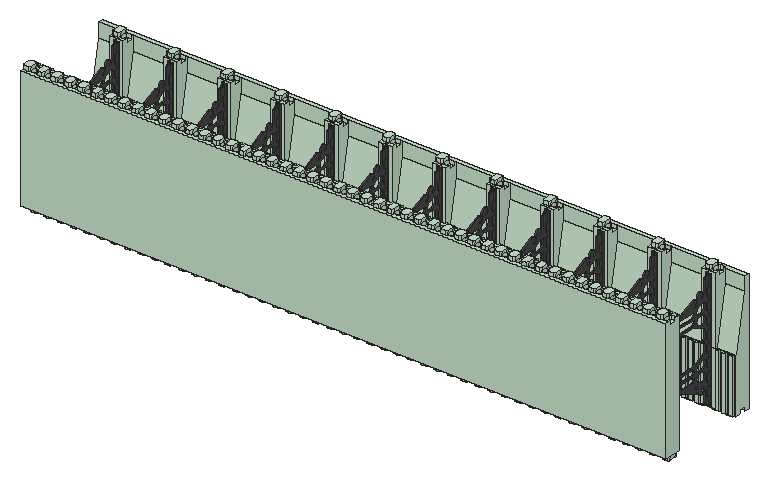
Revit family (continued)
Cuts and joins
  Extrusion 50, Extrusion 110, Extrusion 111, Extrusion 112, Extrusion 113, Extrusion 114, Extrusion 115, Extrusion 116, Extrusion 117, Extrusion 118, Extrusion 119, Extrusion 120, Extrusion 121, Extrusion 122, Extrusion 123, Extrusion 124, Extrusion 125, Extrusion 126, Extrusion 127, Extrusion 128, Extrusion 129, Extrusion 130, Extrusion 131, Extrusion 132, Extrusion 133, Extrusion 134, Extrusion 135, Extrusion 136, Extrusion 137, Extrusion 138, Extrusion 139, Extrusion 140, Extrusion 141, Extrusion 142, Extrusion 143, Extrusion 144, Extrusion 145, Extrusion 146, Extrusion 147, Extrusion 148, Extrusion 149, Extrusion 150, Extrusion 151, Extrusion 152, Extrusion 153, Extrusion 154, Extrusion 155, Extrusion 156, Extrusion 157 cuts Extrusion 158
  Extrusion 50 cuts Extrusion 171
  Extrusion 51 cuts Extrusion 170
  Extrusion 52 cuts Extrusion 169
  Extrusion 53 cuts Extrusion 167
  Extrusion 53 cuts Extrusion 168
  Extrusion 54 cuts Extrusion 166
  Extrusion 55 cuts Extrusion 165
  Extrusion 56 cuts Extrusion 164
  Extrusion 57 cuts Extrusion 163
  Extrusion 58 cuts Extrusion 162
  Extrusion 59 cuts Extrusion 161
  Extrusion 60 cuts Extrusion 160
  Extrusion 61 cuts Extrusion 159
Lines and regions (mm)
  model lines
    curve 1: line (203.2, -244.471, 457.2) -> (203.2, -244.471, 0)
    curve 2: line (2235.2, 142.879, 457.2) -> (2235.2, 142.879, 0)
    curve 3: line (1625.6, 142.879, 457.2) -> (1625.6, 142.879, 0)
    curve 4: line (1016, 142.879, 457.2) -> (1016, 142.879, 0)
    curve 5: line (406.4, 142.879, 457.2) -> (406.4, 142.879, 0)
Dimensions and locks
  aligned and locked: level to plane 2
  aligned and locked: level to Extrusion 1
Nested families
  nested 1: "NUDURA Diamond Pattern" at (0, -101.596, 0), type "NUDURA Diamond Pattern"
  nested 2: "NUDURA Diamond Pattern" at (406.4, -101.596, 0), type "NUDURA Diamond Pattern"
  nested 3: "NUDURA Diamond Pattern" at (609.6, -101.596, 0), type "NUDURA Diamond Pattern"
  nested 4: "NUDURA Diamond Pattern" at (1016, -101.596, 0), type "NUDURA Diamond Pattern"
  nested 5: "NUDURA Diamond Pattern" at (1219.2, -101.596, 0), type "NUDURA Diamond Pattern"
  nested 6: "NUDURA Diamond Pattern" at (1625.6, -101.596, 0), type "NUDURA Diamond Pattern"
  nested 7: "NUDURA Diamond Pattern" at (1828.8, -101.596, 0), type "NUDURA Diamond Pattern"
  nested 8: "NUDURA Diamond Pattern" at (2235.2, -101.596, 0), type "NUDURA Diamond Pattern"
  nested 9: "NUDURA Diamond Pattern" at (0, 0.004, 0), type "NUDURA Diamond Pattern"
  nested 10: "NUDURA Diamond Pattern" at (406.4, 0.004, 0), type "NUDURA Diamond Pattern"
  nested 11: "NUDURA Diamond Pattern" at (609.6, 0.004, 0), type "NUDURA Diamond Pattern"
  nested 12: "NUDURA Diamond Pattern" at (1016, 0.004, 0), type "NUDURA Diamond Pattern"
  nested 13: "NUDURA Diamond Pattern" at (1219.2, 0.004, 0), type "NUDURA Diamond Pattern"
  nested 14: "NUDURA Diamond Pattern" at (1625.6, 0.004, 0), type "NUDURA Diamond Pattern"
  nested 15: "NUDURA Diamond Pattern" at (1828.8, 0.004, 0), type "NUDURA Diamond Pattern"
  nested 16: "NUDURA Diamond Pattern" at (2235.2, 0.004, 0), type "NUDURA Diamond Pattern"
  nested 17: "Interlock Tooth" at (0, -101.596, 0), type "Interlock Tooth"
  nested 18: "Interlock Tooth" at (50.8, -101.596, 0), type "Interlock Tooth"
  nested 19: "Interlock Tooth" at (101.6, -101.596, 0), type "Interlock Tooth"
  nested 20: "Interlock Tooth" at (152.4, -101.596, 0), type "Interlock Tooth"
  nested 21: "Interlock Tooth" at (203.2, -101.596, 0), type "Interlock Tooth"
  nested 22: "Interlock Tooth" at (254, -101.596, 0), type "Interlock Tooth"
  nested 23: "Interlock Tooth" at (304.8, -101.596, 0), type "Interlock Tooth"
  nested 24: "Interlock Tooth" at (355.6, -101.596, 0), type "Interlock Tooth"
  nested 25: "Interlock Tooth" at (406.4, -101.596, 0), type "Interlock Tooth"
  nested 26: "Interlock Tooth" at (457.2, -101.596, 0), type "Interlock Tooth"
  nested 27: "Interlock Tooth" at (508, -101.596, 0), type "Interlock Tooth"
  nested 28: "Interlock Tooth" at (558.8, -101.596, 0), type "Interlock Tooth"
  nested 29: "Interlock Tooth" at (609.6, -101.596, 0), type "Interlock Tooth"
  nested 30: "Interlock Tooth" at (660.4, -101.596, 0), type "Interlock Tooth"
  nested 31: "Interlock Tooth" at (711.2, -101.596, 0), type "Interlock Tooth"
  nested 32: "Interlock Tooth" at (762, -101.596, 0), type "Interlock Tooth"
  nested 33: "Interlock Tooth" at (812.8, -101.596, 0), type "Interlock Tooth"
  nested 34: "Interlock Tooth" at (863.6, -101.596, 0), type "Interlock Tooth"
  nested 35: "Interlock Tooth" at (914.4, -101.596, 0), type "Interlock Tooth"
  nested 36: "Interlock Tooth" at (965.2, -101.596, 0), type "Interlock Tooth"
  nested 37: "Interlock Tooth" at (1016, -101.596, 0), type "Interlock Tooth"
  nested 38: "Interlock Tooth" at (1066.8, -101.596, 0), type "Interlock Tooth"
  nested 39: "Interlock Tooth" at (1117.6, -101.596, 0), type "Interlock Tooth"
  nested 40: "Interlock Tooth" at (1168.4, -101.596, 0), type "Interlock Tooth"
  nested 41: "Interlock Tooth" at (1219.2, -101.596, 0), type "Interlock Tooth"
  nested 42: "Interlock Tooth" at (1270, -101.596, 0), type "Interlock Tooth"
  nested 43: "Interlock Tooth" at (1320.8, -101.596, 0), type "Interlock Tooth"
  nested 44: "Interlock Tooth" at (1371.6, -101.596, 0), type "Interlock Tooth"
  nested 45: "Interlock Tooth" at (1422.4, -101.596, 0), type "Interlock Tooth"
  nested 46: "Interlock Tooth" at (1473.2, -101.596, 0), type "Interlock Tooth"
  nested 47: "Interlock Tooth" at (1524, -101.596, 0), type "Interlock Tooth"
  nested 48: "Interlock Tooth" at (1574.8, -101.596, 0), type "Interlock Tooth"
  nested 49: "Interlock Tooth" at (1625.6, -101.596, 0), type "Interlock Tooth"
  nested 50: "Interlock Tooth" at (1676.4, -101.596, 0), type "Interlock Tooth"
  nested 51: "Interlock Tooth" at (1727.2, -101.596, 0), type "Interlock Tooth"
  nested 52: "Interlock Tooth" at (1778, -101.596, 0), type "Interlock Tooth"
  nested 53: "Interlock Tooth" at (1828.8, -101.596, 0), type "Interlock Tooth"
  nested 54: "Interlock Tooth" at (1879.6, -101.596, 0), type "Interlock Tooth"
  nested 55: "Interlock Tooth" at (1930.4, -101.596, 0), type "Interlock Tooth"
  nested 56: "Interlock Tooth" at (1981.2, -101.596, 0), type "Interlock Tooth"
  nested 57: "Interlock Tooth" at (2032, -101.596, 0), type "Interlock Tooth"
  nested 58: "Interlock Tooth" at (2082.8, -101.596, 0), type "Interlock Tooth"
  nested 59: "Interlock Tooth" at (2133.6, -101.596, 0), type "Interlock Tooth"
  nested 60: "Interlock Tooth" at (2184.4, -101.596, 0), type "Interlock Tooth"
  nested 61: "Interlock Tooth" at (2235.2, -101.596, 0), type "Interlock Tooth"
  nested 62: "Interlock Tooth" at (2286, -101.596, 0), type "Interlock Tooth"
  nested 63: "Interlock Tooth" at (2336.8, -101.596, 0), type "Interlock Tooth"
  nested 64: "Interlock Tooth" at (2387.6, -101.596, 0), type "Interlock Tooth"
  nested 65: "Interlock Tooth" at (76.2, 225.429, 0), type "Interlock Tooth"
  nested 66: "Interlock Tooth" at (279.4, 225.429, 0), type "Interlock Tooth"
  nested 67: "Interlock Tooth" at (482.6, 225.429, 0), type "Interlock Tooth"
  nested 68: "Interlock Tooth" at (685.8, 225.429, 0), type "Interlock Tooth"
  nested 69: "Interlock Tooth" at (889, 225.429, 0), type "Interlock Tooth"
  nested 70: "Interlock Tooth" at (1092.2, 225.429, 0), type "Interlock Tooth"
  nested 71: "Interlock Tooth" at (1295.4, 225.429, 0), type "Interlock Tooth"
  nested 72: "Interlock Tooth" at (1498.6, 225.429, 0), type "Interlock Tooth"
  nested 73: "Interlock Tooth" at (1701.8, 225.429, 0), type "Interlock Tooth"
  nested 74: "Interlock Tooth" at (1905, 225.429, 0), type "Interlock Tooth"
  nested 75: "Interlock Tooth" at (2108.2, 225.429, 0), type "Interlock Tooth"
  nested 76: "Interlock Tooth" at (2311.4, 225.429, 0), type "Interlock Tooth"
  nested 77: "Interlock Tooth" at (25.4, -327.021, -469.9), type "Interlock Tooth"
  nested 78: "Interlock Tooth" at (76.2, -327.021, -469.9), type "Interlock Tooth"
  nested 79: "Interlock Tooth" at (127, -327.021, -469.9), type "Interlock Tooth"
  nested 80: "Interlock Tooth" at (177.8, -327.021, -469.9), type "Interlock Tooth"
  nested 81: "Interlock Tooth" at (228.6, -327.021, -469.9), type "Interlock Tooth"
  nested 82: "Interlock Tooth" at (279.4, -327.021, -469.9), type "Interlock Tooth"
  nested 83: "Interlock Tooth" at (330.2, -327.021, -469.9), type "Interlock Tooth"
  nested 84: "Interlock Tooth" at (381, -327.021, -469.9), type "Interlock Tooth"
  nested 85: "Interlock Tooth" at (431.8, -327.021, -469.9), type "Interlock Tooth"
  nested 86: "Interlock Tooth" at (482.6, -327.021, -469.9), type "Interlock Tooth"
  nested 87: "Interlock Tooth" at (533.4, -327.021, -469.9), type "Interlock Tooth"
  nested 88: "Interlock Tooth" at (584.2, -327.021, -469.9), type "Interlock Tooth"
  nested 89: "Interlock Tooth" at (635, -327.021, -469.9), type "Interlock Tooth"
  nested 90: "Interlock Tooth" at (685.8, -327.021, -469.9), type "Interlock Tooth"
  nested 91: "Interlock Tooth" at (736.6, -327.021, -469.9), type "Interlock Tooth"
  nested 92: "Interlock Tooth" at (787.4, -327.021, -469.9), type "Interlock Tooth"
  nested 93: "Interlock Tooth" at (838.2, -327.021, -469.9), type "Interlock Tooth"
  nested 94: "Interlock Tooth" at (889, -327.021, -469.9), type "Interlock Tooth"
  nested 95: "Interlock Tooth" at (939.8, -327.021, -469.9), type "Interlock Tooth"
  nested 96: "Interlock Tooth" at (990.6, -327.021, -469.9), type "Interlock Tooth"
  nested 97: "Interlock Tooth" at (1041.4, -327.021, -469.9), type "Interlock Tooth"
  nested 98: "Interlock Tooth" at (1092.2, -327.021, -469.9), type "Interlock Tooth"
  nested 99: "Interlock Tooth" at (1143, -327.021, -469.9), type "Interlock Tooth"
  nested 100: "Interlock Tooth" at (1193.8, -327.021, -469.9), type "Interlock Tooth"
  nested 101: "Interlock Tooth" at (1244.6, -327.021, -469.9), type "Interlock Tooth"
  nested 102: "Interlock Tooth" at (1295.4, -327.021, -469.9), type "Interlock Tooth"
  nested 103: "Interlock Tooth" at (1346.2, -327.021, -469.9), type "Interlock Tooth"
  nested 104: "Interlock Tooth" at (1397, -327.021, -469.9), type "Interlock Tooth"
  nested 105: "Interlock Tooth" at (1447.8, -327.021, -469.9), type "Interlock Tooth"
  nested 106: "Interlock Tooth" at (1498.6, -327.021, -469.9), type "Interlock Tooth"
  nested 107: "Interlock Tooth" at (1549.4, -327.021, -469.9), type "Interlock Tooth"
  nested 108: "Interlock Tooth" at (1600.2, -327.021, -469.9), type "Interlock Tooth"
  nested 109: "Interlock Tooth" at (1651, -327.021, -469.9), type "Interlock Tooth"
  nested 110: "Interlock Tooth" at (1701.8, -327.021, -469.9), type "Interlock Tooth"
  nested 111: "Interlock Tooth" at (1752.6, -327.021, -469.9), type "Interlock Tooth"
  nested 112: "Interlock Tooth" at (1803.4, -327.021, -469.9), type "Interlock Tooth"
  nested 113: "Interlock Tooth" at (1854.2, -327.021, -469.9), type "Interlock Tooth"
  nested 114: "Interlock Tooth" at (1905, -327.021, -469.9), type "Interlock Tooth"
  nested 115: "Interlock Tooth" at (1955.8, -327.021, -469.9), type "Interlock Tooth"
  nested 116: "Interlock Tooth" at (2006.6, -327.021, -469.9), type "Interlock Tooth"
  nested 117: "Interlock Tooth" at (2057.4, -327.021, -469.9), type "Interlock Tooth"
  nested 118: "Interlock Tooth" at (2108.2, -327.021, -469.9), type "Interlock Tooth"
  nested 119: "Interlock Tooth" at (2159, -327.021, -469.9), type "Interlock Tooth"
  nested 120: "Interlock Tooth" at (2209.8, -327.021, -469.9), type "Interlock Tooth"
  nested 121: "Interlock Tooth" at (2260.6, -327.021, -469.9), type "Interlock Tooth"
  nested 122: "Interlock Tooth" at (2311.4, -327.021, -469.9), type "Interlock Tooth"
  nested 123: "Interlock Tooth" at (2362.2, -327.021, -469.9), type "Interlock Tooth"
  nested 124: "Interlock Tooth" at (2413, -327.021, -469.9), type "Interlock Tooth"
  nested 125: "Interlock Tooth" at (0, 0.004, -469.9), type "Interlock Tooth"
  nested 126: "Interlock Tooth" at (50.8, 0.004, -469.9), type "Interlock Tooth"
  nested 127: "Interlock Tooth" at (101.6, 0.004, -469.9), type "Interlock Tooth"
  nested 128: "Interlock Tooth" at (152.4, 0.004, -469.9), type "Interlock Tooth"
  nested 129: "Interlock Tooth" at (203.2, 0.004, -469.9), type "Interlock Tooth"
  nested 130: "Interlock Tooth" at (254, 0.004, -469.9), type "Interlock Tooth"
  nested 131: "Interlock Tooth" at (304.8, 0.004, -469.9), type "Interlock Tooth"
  nested 132: "Interlock Tooth" at (355.6, 0.004, -469.9), type "Interlock Tooth"
  nested 133: "Interlock Tooth" at (406.4, 0.004, -469.9), type "Interlock Tooth"
  nested 134: "Interlock Tooth" at (457.2, 0.004, -469.9), type "Interlock Tooth"
  nested 135: "Interlock Tooth" at (508, 0.004, -469.9), type "Interlock Tooth"
  nested 136: "Interlock Tooth" at (558.8, 0.004, -469.9), type "Interlock Tooth"
  nested 137: "Interlock Tooth" at (609.6, 0.004, -469.9), type "Interlock Tooth"
  nested 138: "Interlock Tooth" at (660.4, 0.004, -469.9), type "Interlock Tooth"
  nested 139: "Interlock Tooth" at (711.2, 0.004, -469.9), type "Interlock Tooth"
  nested 140: "Interlock Tooth" at (762, 0.004, -469.9), type "Interlock Tooth"
  nested 141: "Interlock Tooth" at (812.8, 0.004, -469.9), type "Interlock Tooth"
  nested 142: "Interlock Tooth" at (863.6, 0.004, -469.9), type "Interlock Tooth"
  nested 143: "Interlock Tooth" at (914.4, 0.004, -469.9), type "Interlock Tooth"
  nested 144: "Interlock Tooth" at (965.2, 0.004, -469.9), type "Interlock Tooth"
  nested 145: "Interlock Tooth" at (1016, 0.004, -469.9), type "Interlock Tooth"
  nested 146: "Interlock Tooth" at (1066.8, 0.004, -469.9), type "Interlock Tooth"
  nested 147: "Interlock Tooth" at (1117.6, 0.004, -469.9), type "Interlock Tooth"
  nested 148: "Interlock Tooth" at (1168.4, 0.004, -469.9), type "Interlock Tooth"
  nested 149: "Interlock Tooth" at (1219.2, 0.004, -469.9), type "Interlock Tooth"
  nested 150: "Interlock Tooth" at (1270, 0.004, -469.9), type "Interlock Tooth"
  nested 151: "Interlock Tooth" at (1320.8, 0.004, -469.9), type "Interlock Tooth"
  nested 152: "Interlock Tooth" at (1371.6, 0.004, -469.9), type "Interlock Tooth"
  nested 153: "Interlock Tooth" at (1422.4, 0.004, -469.9), type "Interlock Tooth"
  nested 154: "Interlock Tooth" at (1473.2, 0.004, -469.9), type "Interlock Tooth"
  nested 155: "Interlock Tooth" at (1524, 0.004, -469.9), type "Interlock Tooth"
  nested 156: "Interlock Tooth" at (1574.8, 0.004, -469.9), type "Interlock Tooth"
  nested 157: "Interlock Tooth" at (1625.6, 0.004, -469.9), type "Interlock Tooth"
  nested 158: "Interlock Tooth" at (1676.4, 0.004, -469.9), type "Interlock Tooth"
  nested 159: "Interlock Tooth" at (1727.2, 0.004, -469.9), type "Interlock Tooth"
  nested 160: "Interlock Tooth" at (1778, 0.004, -469.9), type "Interlock Tooth"
  nested 161: "Interlock Tooth" at (1828.8, 0.004, -469.9), type "Interlock Tooth"
  nested 162: "Interlock Tooth" at (1879.6, 0.004, -469.9), type "Interlock Tooth"
  nested 163: "Interlock Tooth" at (1930.4, 0.004, -469.9), type "Interlock Tooth"
  nested 164: "Interlock Tooth" at (1981.2, 0.004, -469.9), type "Interlock Tooth"
  nested 165: "Interlock Tooth" at (2032, 0.004, -469.9), type "Interlock Tooth"
  nested 166: "Interlock Tooth" at (2082.8, 0.004, -469.9), type "Interlock Tooth"
  nested 167: "Interlock Tooth" at (2133.6, 0.004, -469.9), type "Interlock Tooth"
  nested 168: "Interlock Tooth" at (2184.4, 0.004, -469.9), type "Interlock Tooth"
  nested 169: "Interlock Tooth" at (2235.2, 0.004, -469.9), type "Interlock Tooth"
  nested 170: "Interlock Tooth" at (2286, 0.004, -469.9), type "Interlock Tooth"
  nested 171: "Interlock Tooth" at (2336.8, 0.004, -469.9), type "Interlock Tooth"
  nested 172: "Interlock Tooth" at (2387.6, 0.004, -469.9), type "Interlock Tooth"
  nested 173: "NUDURA Logo Diamond" at (0, -244.471, 0), type "NUDURA Logo Diamond"
  nested 174: "NUDURA Logo Diamond" at (609.6, -244.471, 0), type "NUDURA Logo Diamond"
  nested 175: "NUDURA Logo Diamond" at (1219.2, -244.471, 0), type "NUDURA Logo Diamond"
  nested 176: "NUDURA Logo Diamond" at (1828.8, -244.471, 0), type "NUDURA Logo Diamond"
  nested 177: "NUDURA Logo Diamond" at (2438.335, 142.879, 0) x (-1, 0, 0) z (0, 0, 1), type "NUDURA Logo Diamond"
  nested 178: "NUDURA Logo Diamond" at (1828.735, 142.879, 0) x (-1, 0, 0) z (0, 0, 1), type "NUDURA Logo Diamond"
  nested 179: "NUDURA Logo Diamond" at (1219.135, 142.879, 0) x (-1, 0, 0) z (0, 0, 1), type "NUDURA Logo Diamond"
  nested 180: "NUDURA Logo Diamond" at (609.535, 142.879, 0) x (-1, 0, 0) z (0, 0, 1), type "NUDURA Logo Diamond"
  nested 181: "10-inch Insert Web" at (101.6, -50.796, 0), type "10-inch Insert Web"
  nested 182: "10-inch Insert Web" at (304.8, -50.796, 0), type "10-inch Insert Web"
  nested 183: "10-inch Insert Web" at (508, -50.796, 0), type "10-inch Insert Web"
  nested 184: "10-inch Insert Web" at (711.2, -50.796, 0), type "10-inch Insert Web"
  nested 185: "10-inch Insert Web" at (914.4, -50.796, 0), type "10-inch Insert Web"
  nested 186: "10-inch Insert Web" at (1117.6, -50.796, 0), type "10-inch Insert Web"
  nested 187: "10-inch Insert Web" at (1320.8, -50.796, 0), type "10-inch Insert Web"
  nested 188: "10-inch Insert Web" at (1524, -50.796, 0), type "10-inch Insert Web"
  nested 189: "10-inch Insert Web" at (1727.2, -50.796, 0), type "10-inch Insert Web"
  nested 190: "10-inch Insert Web" at (1930.4, -50.796, 0), type "10-inch Insert Web"
  nested 191: "10-inch Insert Web" at (2133.6, -50.796, 0), type "10-inch Insert Web"
  nested 192: "10-inch Insert Web" at (2336.8, -50.796, 0), type "10-inch Insert Web"
Definition of nested family "Interlock Tooth"
  Reference planes
    plane 1 "Center (Front/Back)": y = 0
    plane 2: z = 0
    plane 3 "Center (Left/Right)": x = 0
    plane 4: z = 457.2
    plane 5: z = 469.9
    plane 6: z = -12.7
  Forms (mm)
    Extrusion 1, solid, material "NUDURA Expanded Polystyrene Foam Insulation"
      sketch origin (0, -225.425, 0) x (1, 0, 0) y (0, 1, 0)
        loop
          arc (0, 101.014) -> (1.215, 97.278) -> (4.396, 94.972) r 6.35
          arc (4.396, 94.972) -> (12.7, 93.663) -> (21.004, 94.972) r 26.988
          arc (21.004, 94.972) -> (24.185, 97.278) -> (25.4, 101.014) r 6.35
          line (25.4, 101.014) -> (25.4, 124.411)
          arc (25.4, 124.411) -> (24.185, 128.147) -> (21.004, 130.453) r 6.35
          arc (21.004, 130.453) -> (12.7, 131.763) -> (4.396, 130.453) r 26.987
          arc (4.396, 130.453) -> (1.215, 128.147) -> (0, 124.411) r 6.35
          line (0, 124.411) -> (0, 101.014)
      from 457.2 to 469.9
  Dimensions and locks
    locked: plane 4 to level at 457.2
    locked: plane 4 to plane 5 at 12.7
    locked: plane 6 to level at 12.7
Definition of nested family "10-inch Insert Web"
  Reference planes
    plane 1 "Center (Front/Back)": y = 0
    plane 2: z = 0
    plane 3 "Center (Left/Right)": x = 0
  Forms (mm)
    Extrusion 1, solid, material "High Density Polystyrene"
      sketch origin (0, 0, 0) x (0, 1, 0) y (0, 0, 1)
        loop
          line (133.35, 0) -> (133.35, 450.744)
          arc (133.35, 450.744) -> (132.617, 450.243) -> (132.334, 449.4) r 1.397
          line (132.334, 449.4) -> (132.334, 1.344)
          arc (132.334, 1.344) -> (132.617, 0.502) -> (133.35, 0) r 1.397
        loop
          arc (-133.35, 0) -> (-132.617, 0.502) -> (-132.334, 1.344) r 1.397
          line (-132.334, 1.344) -> (-132.334, 449.4)
          arc (-132.334, 449.4) -> (-132.617, 450.243) -> (-133.35, 450.744) r 1.397
          line (-133.35, 450.744) -> (-133.35, 0)
      from 9.227 to -9.227
    Extrusion 2, solid, material "High Density Polystyrene"
      sketch origin (0, 0, 0) x (0, 1, 0) y (0, 0, 1)
        loop
          arc (131.798, 442.16) -> (132.175, 442.021) -> (132.334, 441.652) r 0.508
          line (132.334, 441.652) -> (132.334, 447.972)
          arc (132.334, 447.972) -> (132.229, 447.585) -> (131.942, 447.306) r 0.762
          line (131.942, 447.306) -> (130.186, 446.33)
          arc (130.186, 446.33) -> (129.899, 446.05) -> (129.794, 445.664) r 0.762
          line (129.794, 445.664) -> (129.794, 442.585)
          arc (129.794, 442.585) -> (129.953, 442.216) -> (130.33, 442.078) r 0.508
          line (130.33, 442.078) -> (131.798, 442.16)
        loop
          line (-130.186, 446.33) -> (-131.942, 447.306)
          arc (-131.942, 447.306) -> (-132.229, 447.585) -> (-132.334, 447.972) r 0.762
          line (-132.334, 447.972) -> (-132.334, 441.652)
          arc (-132.334, 441.652) -> (-132.175, 442.021) -> (-131.798, 442.16) r 0.508
          line (-131.798, 442.16) -> (-130.33, 442.078)
          arc (-130.33, 442.078) -> (-129.953, 442.216) -> (-129.794, 442.585) r 0.508
          line (-129.794, 442.585) -> (-129.794, 445.664)
          arc (-129.794, 445.664) -> (-129.899, 446.05) -> (-130.186, 446.33) r 0.762
        loop
          line (131.798, 8.585) -> (130.33, 8.666)
          arc (130.33, 8.666) -> (129.953, 8.528) -> (129.794, 8.159) r 0.508
          line (129.794, 8.159) -> (129.794, 5.08)
          arc (129.794, 5.08) -> (129.899, 4.694) -> (130.186, 4.414) r 0.762
          line (130.186, 4.414) -> (131.942, 3.439)
          arc (131.942, 3.439) -> (132.229, 3.159) -> (132.334, 2.772) r 0.762
          line (132.334, 2.772) -> (132.334, 9.092)
          arc (132.334, 9.092) -> (132.175, 8.723) -> (131.798, 8.585) r 0.508
        loop
          arc (-130.186, 4.414) -> (-129.899, 4.694) -> (-129.794, 5.08) r 0.762
          line (-129.794, 5.08) -> (-129.794, 8.159)
          arc (-129.794, 8.159) -> (-129.953, 8.528) -> (-130.33, 8.666) r 0.508
          line (-130.33, 8.666) -> (-131.798, 8.585)
          arc (-131.798, 8.585) -> (-132.175, 8.723) -> (-132.334, 9.092) r 0.508
          line (-132.334, 9.092) -> (-132.334, 2.772)
          arc (-132.334, 2.772) -> (-132.229, 3.159) -> (-131.942, 3.439) r 0.762
          line (-131.942, 3.439) -> (-130.186, 4.414)
        loop
          line (127, 437.076) -> (125.095, 442.918)
          arc (125.095, 442.918) -> (123.825, 443.68) -> (122.555, 442.918) r 1.439
          line (122.555, 442.918) -> (121.313, 439.108) -> (118.083, 439.108)
          arc (118.083, 439.108) -> (117.204, 438.744) -> (116.84, 437.865) r 1.243
          line (116.84, 437.865) -> (116.84, 437.076) -> (114.3, 437.076) -> (114.3, 400.201)
          arc (114.3, 400.201) -> (112.544, 393.421) -> (107.718, 388.345) r 13.97
          arc (107.718, 388.345) -> (106.485, 386.915) -> (106.281, 385.039) r 3.175
          arc (106.281, 385.039) -> (94.976, 376.743) -> (95.802, 390.741) r 7.747
          arc (95.802, 390.741) -> (98.914, 398.005) -> (91.65, 401.117) r 5.588
          arc (91.65, 401.117) -> (82.659, 393.619) -> (79.799, 382.266) r 18.923
          arc (79.799, 382.266) -> (78.691, 371.727) -> (75.421, 361.646) r 50.8
          arc (75.421, 361.646) -> (62.744, 361.552) -> (66.95, 373.51) r 7.747
          arc (66.95, 373.51) -> (70.834, 381.929) -> (61.911, 384.447) r 6.096
          line (61.911, 384.447) -> (12.7, 361.328)
          arc (12.7, 361.328) -> (6.523, 359.099) -> (0, 358.343) r 28.508
          arc (0, 358.343) -> (-6.523, 359.099) -> (-12.7, 361.328) r 28.508
          line (-12.7, 361.328) -> (-61.911, 384.447)
          arc (-61.911, 384.447) -> (-70.834, 381.929) -> (-66.95, 373.51) r 6.096
          arc (-66.95, 373.51) -> (-62.744, 361.552) -> (-75.421, 361.646) r 7.747
          arc (-75.421, 361.646) -> (-78.691, 371.727) -> (-79.799, 382.266) r 50.8
          arc (-79.799, 382.266) -> (-82.659, 393.619) -> (-91.65, 401.117) r 18.923
          arc (-91.65, 401.117) -> (-98.914, 398.005) -> (-95.802, 390.741) r 5.588
          arc (-95.802, 390.741) -> (-94.976, 376.743) -> (-106.281, 385.039) r 7.747
          arc (-106.281, 385.039) -> (-106.485, 386.915) -> (-107.718, 388.345) r 3.175
          arc (-107.718, 388.345) -> (-112.544, 393.421) -> (-114.3, 400.201) r 13.97
          line (-114.3, 400.201) -> (-114.3, 437.076) -> (-116.84, 437.076) -> (-116.84, 437.865)
          arc (-116.84, 437.865) -> (-117.204, 438.744) -> (-118.083, 439.108) r 1.243
          line (-118.083, 439.108) -> (-121.313, 439.108) -> (-122.555, 442.918)
          arc (-122.555, 442.918) -> (-123.825, 443.68) -> (-125.095, 442.918) r 1.439
          line (-125.095, 442.918) -> (-127, 437.076) -> (-127, 16.896) -> (-125.095, 11.054)
          arc (-125.095, 11.054) -> (-123.825, 10.292) -> (-122.555, 11.054) r 1.439
          line (-122.555, 11.054) -> (-121.313, 14.864) -> (-118.083, 14.864)
          arc (-118.083, 14.864) -> (-117.204, 15.228) -> (-116.84, 16.107) r 1.243
          line (-116.84, 16.107) -> (-116.84, 16.896) -> (-114.3, 16.896) -> (-114.3, 56.999)
          arc (-114.3, 56.999) -> (-112.544, 63.779) -> (-107.718, 68.855) r 13.97
          arc (-107.718, 68.855) -> (-106.485, 70.285) -> (-106.281, 72.161) r 3.175
          arc (-106.281, 72.161) -> (-94.976, 80.457) -> (-95.802, 66.459) r 7.747
          arc (-95.802, 66.459) -> (-98.914, 59.195) -> (-91.65, 56.083) r 5.588
          arc (-91.65, 56.083) -> (-82.659, 63.581) -> (-79.799, 74.934) r 18.923
          arc (-79.799, 74.934) -> (-78.691, 85.473) -> (-75.421, 95.554) r 50.8
          arc (-75.421, 95.554) -> (-62.744, 95.648) -> (-66.95, 83.69) r 7.747
          arc (-66.95, 83.69) -> (-70.834, 75.271) -> (-61.911, 72.753) r 6.096
          line (-61.911, 72.753) -> (-12.7, 95.872)
          arc (-12.7, 95.872) -> (-6.523, 98.101) -> (0, 98.857) r 28.508
          arc (0, 98.857) -> (6.523, 98.101) -> (12.7, 95.872) r 28.508
          line (12.7, 95.872) -> (61.911, 72.753)
          arc (61.911, 72.753) -> (70.834, 75.271) -> (66.95, 83.69) r 6.096
          arc (66.95, 83.69) -> (62.744, 95.648) -> (75.421, 95.554) r 7.747
          arc (75.421, 95.554) -> (78.691, 85.473) -> (79.799, 74.934) r 50.8
          arc (79.799, 74.934) -> (82.659, 63.581) -> (91.65, 56.083) r 18.923
          arc (91.65, 56.083) -> (98.914, 59.195) -> (95.802, 66.459) r 5.588
          arc (95.802, 66.459) -> (94.976, 80.457) -> (106.281, 72.161) r 7.747
          arc (106.281, 72.161) -> (106.485, 70.285) -> (107.718, 68.855) r 3.175
          arc (107.718, 68.855) -> (112.544, 63.779) -> (114.3, 56.999) r 13.97
          line (114.3, 56.999) -> (114.3, 16.896) -> (116.84, 16.896) -> (116.84, 16.107)
          arc (116.84, 16.107) -> (117.204, 15.228) -> (118.083, 14.864) r 1.243
          line (118.083, 14.864) -> (121.313, 14.864) -> (122.555, 11.054)
          arc (122.555, 11.054) -> (123.825, 10.292) -> (125.095, 11.054) r 1.439
          line (125.095, 11.054) -> (127, 16.896) -> (127, 437.076)
        loop
          line (0, 348.183) -> (-51.41, 348.183)
          arc (-51.41, 348.183) -> (-54.937, 348.292) -> (-58.451, 348.618) r 57.15
          arc (-58.451, 348.618) -> (-63.029, 345.093) -> (-66.04, 340.162) r 15.855
          line (-66.04, 340.162) -> (-66.04, 336.963)
          arc (-66.04, 336.963) -> (-62.352, 331.126) -> (-56.515, 327.438) r 15.684
          line (-56.515, 327.438) -> (0, 327.438) -> (56.515, 327.438)
          arc (56.515, 327.438) -> (62.352, 331.126) -> (66.04, 336.963) r 15.684
          line (66.04, 336.963) -> (66.04, 340.162)
          arc (66.04, 340.162) -> (63.029, 345.093) -> (58.451, 348.618) r 15.855
          arc (58.451, 348.618) -> (54.937, 348.292) -> (51.41, 348.183) r 57.15
          line (51.41, 348.183) -> (0, 348.183)
        loop
          line (0, 322.866) -> (-56.535, 322.866)
          arc (-56.535, 322.866) -> (-62.36, 319.178) -> (-66.04, 313.348) r 15.684
          line (-66.04, 313.348) -> (-66.04, 310.148)
          arc (-66.04, 310.148) -> (-63.03, 305.218) -> (-58.453, 301.693) r 15.855
          arc (-58.453, 301.693) -> (-54.928, 302.022) -> (-51.389, 302.131) r 57.15
          line (-51.389, 302.131) -> (0, 302.131) -> (51.389, 302.131)
          arc (51.389, 302.131) -> (54.928, 302.022) -> (58.453, 301.693) r 57.15
          arc (58.453, 301.693) -> (63.03, 305.218) -> (66.04, 310.148) r 15.855
          line (66.04, 310.148) -> (66.04, 313.348)
          arc (66.04, 313.348) -> (62.36, 319.178) -> (56.535, 322.866) r 15.684
          line (56.535, 322.866) -> (0, 322.866)
        loop
          line (78.437, 295.422) -> (100.738, 284.985)
          arc (100.738, 284.985) -> (109.887, 285.575) -> (114.3, 293.612) r 9.525
          line (114.3, 293.612) -> (114.3, 306.991)
          arc (114.3, 306.991) -> (109.65, 318.216) -> (98.425, 322.866) r 15.875
          line (98.425, 322.866) -> (83.82, 322.866)
          arc (83.82, 322.866) -> (74.84, 319.146) -> (71.12, 310.166) r 12.7
          line (71.12, 310.166) -> (71.12, 306.925)
          arc (71.12, 306.925) -> (73.104, 300.108) -> (78.437, 295.422) r 12.7
        loop
          line (114.3, 343.313) -> (114.3, 356.692)
          arc (114.3, 356.692) -> (109.887, 364.729) -> (100.738, 365.319) r 9.525
          line (100.738, 365.319) -> (78.437, 354.882)
          arc (78.437, 354.882) -> (73.104, 350.196) -> (71.12, 343.38) r 12.7
          line (71.12, 343.38) -> (71.12, 340.138)
          arc (71.12, 340.138) -> (74.84, 331.158) -> (83.82, 327.438) r 12.7
          line (83.82, 327.438) -> (98.425, 327.438)
          arc (98.425, 327.438) -> (109.65, 332.088) -> (114.3, 343.313) r 15.875
        loop
          line (106.983, 277.014) -> (75.025, 291.971)
          arc (75.025, 291.971) -> (63.208, 295.996) -> (50.8, 297.359) r 57.15
          line (50.8, 297.359) -> (0, 297.359) -> (-50.8, 297.359)
          arc (-50.8, 297.359) -> (-63.208, 295.996) -> (-75.025, 291.971) r 57.15
          line (-75.025, 291.971) -> (-106.983, 277.014)
          arc (-106.983, 277.014) -> (-112.316, 272.328) -> (-114.3, 265.512) r 12.7
          line (-114.3, 265.512) -> (-114.3, 236.534) -> (-111.252, 231.454) -> (-111.252, 228.6) -> (-111.252, 225.746) -> (-114.3, 220.666) -> (-114.3, 191.688)
          arc (-114.3, 191.688) -> (-112.316, 184.872) -> (-106.983, 180.186) r 12.7
          line (-106.983, 180.186) -> (-75.025, 165.229)
          arc (-75.025, 165.229) -> (-63.208, 161.204) -> (-50.8, 159.841) r 57.15
          line (-50.8, 159.841) -> (0, 159.841) -> (50.8, 159.841)
          arc (50.8, 159.841) -> (63.208, 161.204) -> (75.025, 165.229) r 57.15
          line (75.025, 165.229) -> (106.983, 180.186)
          arc (106.983, 180.186) -> (112.316, 184.872) -> (114.3, 191.688) r 12.7
          line (114.3, 191.688) -> (114.3, 220.666) -> (111.252, 225.746) -> (111.252, 228.6) -> (111.252, 231.454) -> (114.3, 236.534) -> (114.3, 265.512)
          arc (114.3, 265.512) -> (112.316, 272.328) -> (106.983, 277.014) r 12.7
        loop
          arc (-78.437, 295.422) -> (-73.104, 300.108) -> (-71.12, 306.925) r 12.7
          line (-71.12, 306.925) -> (-71.12, 310.166)
          arc (-71.12, 310.166) -> (-74.84, 319.146) -> (-83.82, 322.866) r 12.7
          line (-83.82, 322.866) -> (-98.425, 322.866)
          arc (-98.425, 322.866) -> (-109.65, 318.216) -> (-114.3, 306.991) r 15.875
          line (-114.3, 306.991) -> (-114.3, 293.612)
          arc (-114.3, 293.612) -> (-109.887, 285.575) -> (-100.738, 284.985) r 9.525
          line (-100.738, 284.985) -> (-78.437, 295.422)
        loop
          arc (-114.3, 343.313) -> (-109.65, 332.088) -> (-98.425, 327.438) r 15.875
          line (-98.425, 327.438) -> (-83.82, 327.438)
          arc (-83.82, 327.438) -> (-74.84, 331.158) -> (-71.12, 340.138) r 12.7
          line (-71.12, 340.138) -> (-71.12, 343.38)
          arc (-71.12, 343.38) -> (-73.104, 350.196) -> (-78.437, 354.882) r 12.7
          line (-78.437, 354.882) -> (-100.738, 365.319)
          arc (-100.738, 365.319) -> (-109.887, 364.729) -> (-114.3, 356.692) r 9.525
          line (-114.3, 356.692) -> (-114.3, 343.313)
        loop
          line (0, 109.017) -> (51.41, 109.017)
          arc (51.41, 109.017) -> (54.937, 108.908) -> (58.451, 108.582) r 57.15
          arc (58.451, 108.582) -> (63.029, 112.107) -> (66.04, 117.038) r 15.855
          line (66.04, 117.038) -> (66.04, 120.237)
          arc (66.04, 120.237) -> (62.352, 126.074) -> (56.515, 129.762) r 15.684
          line (56.515, 129.762) -> (0, 129.762) -> (-56.515, 129.762)
          arc (-56.515, 129.762) -> (-62.352, 126.074) -> (-66.04, 120.237) r 15.684
          line (-66.04, 120.237) -> (-66.04, 117.038)
          arc (-66.04, 117.038) -> (-63.029, 112.107) -> (-58.451, 108.582) r 15.855
          arc (-58.451, 108.582) -> (-54.937, 108.908) -> (-51.41, 109.017) r 57.15
          line (-51.41, 109.017) -> (0, 109.017)
        loop
          line (0, 134.334) -> (56.535, 134.334)
          arc (56.535, 134.334) -> (62.36, 138.022) -> (66.04, 143.852) r 15.684
          line (66.04, 143.852) -> (66.04, 147.052)
          arc (66.04, 147.052) -> (63.03, 151.982) -> (58.453, 155.507) r 15.855
          arc (58.453, 155.507) -> (54.928, 155.178) -> (51.389, 155.069) r 57.15
          line (51.389, 155.069) -> (0, 155.069) -> (-51.389, 155.069)
          arc (-51.389, 155.069) -> (-54.928, 155.178) -> (-58.453, 155.507) r 57.15
          arc (-58.453, 155.507) -> (-63.03, 151.982) -> (-66.04, 147.052) r 15.855
          line (-66.04, 147.052) -> (-66.04, 143.852)
          arc (-66.04, 143.852) -> (-62.36, 138.022) -> (-56.535, 134.334) r 15.684
          line (-56.535, 134.334) -> (0, 134.334)
        loop
          arc (78.437, 161.778) -> (73.104, 157.092) -> (71.12, 150.275) r 12.7
          line (71.12, 150.275) -> (71.12, 147.034)
          arc (71.12, 147.034) -> (74.84, 138.054) -> (83.82, 134.334) r 12.7
          line (83.82, 134.334) -> (98.425, 134.334)
          arc (98.425, 134.334) -> (109.65, 138.984) -> (114.3, 150.209) r 15.875
          line (114.3, 150.209) -> (114.3, 163.588)
          arc (114.3, 163.588) -> (109.887, 171.625) -> (100.738, 172.215) r 9.525
          line (100.738, 172.215) -> (78.437, 161.778)
        loop
          arc (114.3, 113.887) -> (109.65, 125.112) -> (98.425, 129.762) r 15.875
          line (98.425, 129.762) -> (83.82, 129.762)
          arc (83.82, 129.762) -> (74.84, 126.042) -> (71.12, 117.062) r 12.7
          line (71.12, 117.062) -> (71.12, 113.82)
          arc (71.12, 113.82) -> (73.104, 107.004) -> (78.437, 102.318) r 12.7
          line (78.437, 102.318) -> (100.738, 91.881)
          arc (100.738, 91.881) -> (109.887, 92.471) -> (114.3, 100.508) r 9.525
          line (114.3, 100.508) -> (114.3, 113.887)
        loop
          line (-78.437, 161.778) -> (-100.738, 172.215)
          arc (-100.738, 172.215) -> (-109.887, 171.625) -> (-114.3, 163.588) r 9.525
          line (-114.3, 163.588) -> (-114.3, 150.209)
          arc (-114.3, 150.209) -> (-109.65, 138.984) -> (-98.425, 134.334) r 15.875
          line (-98.425, 134.334) -> (-83.82, 134.334)
          arc (-83.82, 134.334) -> (-74.84, 138.054) -> (-71.12, 147.034) r 12.7
          line (-71.12, 147.034) -> (-71.12, 150.275)
          arc (-71.12, 150.275) -> (-73.104, 157.092) -> (-78.437, 161.778) r 12.7
        loop
          line (-114.3, 113.887) -> (-114.3, 100.508)
          arc (-114.3, 100.508) -> (-109.887, 92.471) -> (-100.738, 91.881) r 9.525
          line (-100.738, 91.881) -> (-78.437, 102.318)
          arc (-78.437, 102.318) -> (-73.104, 107.004) -> (-71.12, 113.82) r 12.7
          line (-71.12, 113.82) -> (-71.12, 117.062)
          arc (-71.12, 117.062) -> (-74.84, 126.042) -> (-83.82, 129.762) r 12.7
          line (-83.82, 129.762) -> (-98.425, 129.762)
          arc (-98.425, 129.762) -> (-109.65, 125.112) -> (-114.3, 113.887) r 15.875
      from 3.175 to -3.175
    Extrusion 3, solid, material "High Density Polystyrene"
      sketch origin (0, 0, 0) x (0, 1, 0) y (0, 0, 1)
        loop
          line (132.334, 410.919) -> (119.634, 410.919) -> (119.634, 380.439) -> (132.334, 380.439) -> (132.334, 410.919)
        loop
          line (132.334, 361.389) -> (119.634, 361.389) -> (119.634, 330.909) -> (132.334, 330.909) -> (132.334, 361.389)
        loop
          line (132.334, 311.859) -> (119.634, 311.859) -> (119.634, 281.379) -> (132.334, 281.379) -> (132.334, 311.859)
        loop
          line (132.334, 262.329) -> (119.634, 262.329) -> (119.634, 234.897) -> (132.334, 234.897) -> (132.334, 262.329)
        loop
          line (132.334, 215.847) -> (119.634, 215.847) -> (119.634, 188.415) -> (132.334, 188.415) -> (132.334, 215.847)
        loop
          line (132.334, 169.365) -> (119.634, 169.365) -> (119.634, 138.885) -> (132.334, 138.885) -> (132.334, 169.365)
        loop
          line (132.334, 119.835) -> (119.634, 119.835) -> (119.634, 89.355) -> (132.334, 89.355) -> (132.334, 119.835)
        loop
          line (132.334, 70.305) -> (119.634, 70.305) -> (119.634, 39.825) -> (132.334, 39.825) -> (132.334, 70.305)
        loop
          line (-132.334, 410.919) -> (-132.334, 380.439) -> (-119.634, 380.439) -> (-119.634, 410.919) -> (-132.334, 410.919)
        loop
          line (-132.334, 361.389) -> (-132.334, 330.909) -> (-119.634, 330.909) -> (-119.634, 361.389) -> (-132.334, 361.389)
        loop
          line (-132.334, 311.859) -> (-132.334, 281.379) -> (-119.634, 281.379) -> (-119.634, 311.859) -> (-132.334, 311.859)
        loop
          line (-132.334, 262.329) -> (-132.334, 234.897) -> (-119.634, 234.897) -> (-119.634, 262.329) -> (-132.334, 262.329)
        loop
          line (-132.334, 215.847) -> (-132.334, 188.415) -> (-119.634, 188.415) -> (-119.634, 215.847) -> (-132.334, 215.847)
        loop
          line (-132.334, 169.365) -> (-132.334, 138.885) -> (-119.634, 138.885) -> (-119.634, 169.365) -> (-132.334, 169.365)
        loop
          line (-132.334, 119.835) -> (-132.334, 89.355) -> (-119.634, 89.355) -> (-119.634, 119.835) -> (-132.334, 119.835)
        loop
          line (-132.334, 70.305) -> (-132.334, 39.825) -> (-119.634, 39.825) -> (-119.634, 70.305) -> (-132.334, 70.305)
      from 6.35 to -6.35
    Extrusion 4, void
      sketch origin (0, 50.8, 0) x (1, 0, 0) y (0, 1, 0)
        loop
          line (-6.35, 70.929) -> (-6.35, 68.834) -> (-4.255, 68.834)
          arc (-4.255, 68.834) -> (-5.736, 69.448) -> (-6.35, 70.929) r 2.095
      from 0 to 457.2
    Extrusion 5, void
      sketch origin (0, 50.8, 0) x (-1, 0, 0) y (0, -1, 0)
        loop
          arc (-6.35, -70.929) -> (-5.736, -69.448) -> (-4.255, -68.834) r 2.095
          line (-4.255, -68.834) -> (-6.35, -68.834) -> (-6.35, -70.929)
      from 0 to 457.2
    Extrusion 6, void
      sketch origin (0, -50.8, 0) x (1, 0, 0) y (0, 1, 0)
        loop
          arc (-6.35, -70.929) -> (-5.736, -69.448) -> (-4.255, -68.834) r 2.095
          line (-4.255, -68.834) -> (-6.35, -68.834) -> (-6.35, -70.929)
      from 0 to 457.2
    Extrusion 7, void
      sketch origin (0, -50.8, 0) x (-1, 0, 0) y (0, -1, 0)
        loop
          line (-6.35, 70.929) -> (-6.35, 68.834) -> (-4.255, 68.834)
          arc (-4.255, 68.834) -> (-5.736, 69.448) -> (-6.35, 70.929) r 2.095
      from 0 to 457.2
  Cuts and joins
    Extrusion 4, Extrusion 5, Extrusion 6, Extrusion 7 cuts Extrusion 1
    Extrusion 4, Extrusion 5, Extrusion 6, Extrusion 7 cuts Extrusion 3
Definition of nested family "NUDURA Diamond Pattern"
  Reference planes
    plane 1 "Center (Front/Back)": y = 0
    plane 2: z = 0
    plane 3 "Center (Left/Right)": x = 0
    plane 4: z = 457.2
  Lines and regions (mm)
    model lines
      curve 1: line (203.2, -142.875, 457.2) -> (203.2, -142.875, 0)
      curve 2: line (152.4, -142.875, 457.2) -> (152.4, -142.875, 0)
      curve 3: line (50.8, -142.875, 457.2) -> (50.8, -142.875, 0)
      curve 4: line (85.183, -142.875, 431.415) -> (93.906, -142.875, 422.692)
      curve 5: arc (85.183, -142.875, 444.885) -> (82.394, -142.875, 438.15) -> (85.183, -142.875, 431.415) r 9.525
      curve 6: line (94.708, -142.875, 454.41) -> (85.183, -142.875, 444.885)
      curve 7: arc (108.179, -142.875, 454.41) -> (101.444, -142.875, 457.2) -> (94.708, -142.875, 454.41) r 9.525
      curve 8: line (117.704, -142.875, 444.885) -> (108.179, -142.875, 454.41)
      curve 9: arc (117.704, -142.875, 431.415) -> (120.494, -142.875, 438.15) -> (117.704, -142.875, 444.885) r 9.525
      curve 10: line (108.981, -142.875, 422.692) -> (117.704, -142.875, 431.415)
      curve 11: arc (105.934, -142.875, 452.165) -> (101.444, -142.875, 454.025) -> (96.953, -142.875, 452.165) r 6.35
      curve 12: line (115.459, -142.875, 442.64) -> (105.934, -142.875, 452.165)
      curve 13: arc (115.459, -142.875, 433.66) -> (117.319, -142.875, 438.15) -> (115.459, -142.875, 442.64) r 6.35
      curve 14: line (105.934, -142.875, 424.135) -> (115.459, -142.875, 433.66)
      curve 15: arc (96.953, -142.875, 424.135) -> (101.444, -142.875, 422.275) -> (105.934, -142.875, 424.135) r 6.35
      curve 16: line (87.428, -142.875, 433.66) -> (96.953, -142.875, 424.135)
      curve 17: arc (87.428, -142.875, 442.64) -> (85.569, -142.875, 438.15) -> (87.428, -142.875, 433.66) r 6.35
      curve 18: line (96.953, -142.875, 452.165) -> (87.428, -142.875, 442.64)
      curve 19: arc (93.906, -142.875, 415.508) -> (95.394, -142.875, 419.1) -> (93.906, -142.875, 422.692) r 5.08
      curve 20: line (117.704, -142.875, 406.785) -> (108.981, -142.875, 415.508)
      curve 21: arc (117.704, -142.875, 393.315) -> (120.494, -142.875, 400.05) -> (117.704, -142.875, 406.785) r 9.525
      curve 22: line (108.981, -142.875, 384.592) -> (117.704, -142.875, 393.315)
      curve 23: line (85.183, -142.875, 393.315) -> (93.906, -142.875, 384.592)
      curve 24: arc (85.183, -142.875, 406.785) -> (82.394, -142.875, 400.05) -> (85.183, -142.875, 393.315) r 9.525
      curve 25: line (93.906, -142.875, 415.508) -> (85.183, -142.875, 406.785)
      curve 26: arc (105.934, -142.875, 414.065) -> (101.444, -142.875, 415.925) -> (96.953, -142.875, 414.065) r 6.35
      curve 27: line (96.953, -142.875, 414.065) -> (87.428, -142.875, 404.54)
      curve 28: arc (87.428, -142.875, 404.54) -> (85.569, -142.875, 400.05) -> (87.428, -142.875, 395.56) r 6.35
      curve 29: line (87.428, -142.875, 395.56) -> (96.953, -142.875, 386.035)
      curve 30: arc (96.953, -142.875, 386.035) -> (101.444, -142.875, 384.175) -> (105.934, -142.875, 386.035) r 6.35
      curve 31: line (105.934, -142.875, 386.035) -> (115.459, -142.875, 395.56)
      curve 32: arc (115.459, -142.875, 395.56) -> (117.319, -142.875, 400.05) -> (115.459, -142.875, 404.54) r 6.35
      curve 33: line (115.459, -142.875, 404.54) -> (105.934, -142.875, 414.065)
      curve 34: arc (93.906, -142.875, 377.408) -> (95.394, -142.875, 381) -> (93.906, -142.875, 384.592) r 5.08
      curve 35: line (117.704, -142.875, 368.685) -> (108.981, -142.875, 377.408)
      curve 36: arc (117.704, -142.875, 355.215) -> (120.494, -142.875, 361.95) -> (117.704, -142.875, 368.685) r 9.525
      curve 37: line (108.981, -142.875, 346.492) -> (117.704, -142.875, 355.215)
      curve 38: line (85.183, -142.875, 355.215) -> (93.906, -142.875, 346.492)
      curve 39: arc (85.183, -142.875, 368.685) -> (82.394, -142.875, 361.95) -> (85.183, -142.875, 355.215) r 9.525
      curve 40: line (93.906, -142.875, 377.408) -> (85.183, -142.875, 368.685)
      curve 41: arc (105.934, -142.875, 375.965) -> (101.444, -142.875, 377.825) -> (96.953, -142.875, 375.965) r 6.35
      curve 42: line (96.953, -142.875, 375.965) -> (87.428, -142.875, 366.44)
      curve 43: arc (87.428, -142.875, 366.44) -> (85.569, -142.875, 361.95) -> (87.428, -142.875, 357.46) r 6.35
      curve 44: line (87.428, -142.875, 357.46) -> (96.953, -142.875, 347.935)
      curve 45: arc (96.953, -142.875, 347.935) -> (101.444, -142.875, 346.075) -> (105.934, -142.875, 347.935) r 6.35
      curve 46: line (105.934, -142.875, 347.935) -> (115.459, -142.875, 357.46)
      curve 47: arc (115.459, -142.875, 357.46) -> (117.319, -142.875, 361.95) -> (115.459, -142.875, 366.44) r 6.35
      curve 48: line (115.459, -142.875, 366.44) -> (105.934, -142.875, 375.965)
      curve 49: arc (93.906, -142.875, 339.308) -> (95.394, -142.875, 342.9) -> (93.906, -142.875, 346.492) r 5.08
      curve 50: line (117.704, -142.875, 330.585) -> (108.981, -142.875, 339.308)
      curve 51: arc (117.704, -142.875, 317.115) -> (120.494, -142.875, 323.85) -> (117.704, -142.875, 330.585) r 9.525
      curve 52: line (108.981, -142.875, 308.392) -> (117.704, -142.875, 317.115)
      curve 53: line (85.183, -142.875, 317.115) -> (93.906, -142.875, 308.392)
      curve 54: arc (85.183, -142.875, 330.585) -> (82.394, -142.875, 323.85) -> (85.183, -142.875, 317.115) r 9.525
      curve 55: line (93.906, -142.875, 339.308) -> (85.183, -142.875, 330.585)
      curve 56: arc (105.934, -142.875, 337.865) -> (101.444, -142.875, 339.725) -> (96.953, -142.875, 337.865) r 6.35
      curve 57: line (96.953, -142.875, 337.865) -> (87.428, -142.875, 328.34)
      curve 58: arc (87.428, -142.875, 328.34) -> (85.569, -142.875, 323.85) -> (87.428, -142.875, 319.36) r 6.35
      curve 59: line (87.428, -142.875, 319.36) -> (96.953, -142.875, 309.835)
      curve 60: arc (96.953, -142.875, 309.835) -> (101.444, -142.875, 307.975) -> (105.934, -142.875, 309.835) r 6.35
      curve 61: line (105.934, -142.875, 309.835) -> (115.459, -142.875, 319.36)
      curve 62: arc (115.459, -142.875, 319.36) -> (117.319, -142.875, 323.85) -> (115.459, -142.875, 328.34) r 6.35
      curve 63: line (115.459, -142.875, 328.34) -> (105.934, -142.875, 337.865)
      curve 64: arc (93.906, -142.875, 301.208) -> (95.394, -142.875, 304.8) -> (93.906, -142.875, 308.392) r 5.08
      curve 65: line (117.704, -142.875, 292.485) -> (108.981, -142.875, 301.208)
      curve 66: arc (117.704, -142.875, 279.015) -> (120.494, -142.875, 285.75) -> (117.704, -142.875, 292.485) r 9.525
      curve 67: line (108.981, -142.875, 270.292) -> (117.704, -142.875, 279.015)
      curve 68: line (85.183, -142.875, 279.015) -> (93.906, -142.875, 270.292)
      curve 69: arc (85.183, -142.875, 292.485) -> (82.394, -142.875, 285.75) -> (85.183, -142.875, 279.015) r 9.525
      curve 70: line (93.906, -142.875, 301.208) -> (85.183, -142.875, 292.485)
      curve 71: arc (105.934, -142.875, 299.765) -> (101.444, -142.875, 301.625) -> (96.953, -142.875, 299.765) r 6.35
      curve 72: line (96.953, -142.875, 299.765) -> (87.428, -142.875, 290.24)
      curve 73: arc (87.428, -142.875, 290.24) -> (85.569, -142.875, 285.75) -> (87.428, -142.875, 281.26) r 6.35
      curve 74: line (87.428, -142.875, 281.26) -> (96.953, -142.875, 271.735)
      curve 75: arc (96.953, -142.875, 271.735) -> (101.444, -142.875, 269.875) -> (105.934, -142.875, 271.735) r 6.35
      curve 76: line (105.934, -142.875, 271.735) -> (115.459, -142.875, 281.26)
      curve 77: arc (115.459, -142.875, 281.26) -> (117.319, -142.875, 285.75) -> (115.459, -142.875, 290.24) r 6.35
      curve 78: line (115.459, -142.875, 290.24) -> (105.934, -142.875, 299.765)
      curve 79: arc (93.906, -142.875, 263.108) -> (95.394, -142.875, 266.7) -> (93.906, -142.875, 270.292) r 5.08
      curve 80: line (117.704, -142.875, 254.385) -> (108.981, -142.875, 263.108)
      curve 81: arc (117.704, -142.875, 240.915) -> (120.494, -142.875, 247.65) -> (117.704, -142.875, 254.385) r 9.525
      curve 82: line (108.981, -142.875, 232.192) -> (117.704, -142.875, 240.915)
      curve 83: line (85.183, -142.875, 240.915) -> (93.906, -142.875, 232.192)
      curve 84: arc (85.183, -142.875, 254.385) -> (82.394, -142.875, 247.65) -> (85.183, -142.875, 240.915) r 9.525
      curve 85: line (93.906, -142.875, 263.108) -> (85.183, -142.875, 254.385)
      curve 86: arc (105.934, -142.875, 261.665) -> (101.444, -142.875, 263.525) -> (96.953, -142.875, 261.665) r 6.35
      curve 87: line (96.953, -142.875, 261.665) -> (87.428, -142.875, 252.14)
      curve 88: arc (87.428, -142.875, 252.14) -> (85.569, -142.875, 247.65) -> (87.428, -142.875, 243.16) r 6.35
      curve 89: line (87.428, -142.875, 243.16) -> (96.953, -142.875, 233.635)
      curve 90: arc (96.953, -142.875, 233.635) -> (101.444, -142.875, 231.775) -> (105.934, -142.875, 233.635) r 6.35
      curve 91: line (105.934, -142.875, 233.635) -> (115.459, -142.875, 243.16)
      curve 92: arc (115.459, -142.875, 243.16) -> (117.319, -142.875, 247.65) -> (115.459, -142.875, 252.14) r 6.35
      curve 93: line (115.459, -142.875, 252.14) -> (105.934, -142.875, 261.665)
      curve 94: arc (93.906, -142.875, 225.008) -> (95.394, -142.875, 228.6) -> (93.906, -142.875, 232.192) r 5.08
      curve 95: line (117.704, -142.875, 216.285) -> (108.981, -142.875, 225.008)
      curve 96: arc (117.704, -142.875, 202.815) -> (120.494, -142.875, 209.55) -> (117.704, -142.875, 216.285) r 9.525
      curve 97: line (108.981, -142.875, 194.092) -> (117.704, -142.875, 202.815)
      curve 98: line (85.183, -142.875, 202.815) -> (93.906, -142.875, 194.092)
      curve 99: arc (85.183, -142.875, 216.285) -> (82.394, -142.875, 209.55) -> (85.183, -142.875, 202.815) r 9.525
      curve 100: line (93.906, -142.875, 225.008) -> (85.183, -142.875, 216.285)
      curve 101: arc (105.934, -142.875, 223.565) -> (101.444, -142.875, 225.425) -> (96.953, -142.875, 223.565) r 6.35
      curve 102: line (96.953, -142.875, 223.565) -> (87.428, -142.875, 214.04)
      curve 103: arc (87.428, -142.875, 214.04) -> (85.569, -142.875, 209.55) -> (87.428, -142.875, 205.06) r 6.35
      curve 104: line (87.428, -142.875, 205.06) -> (96.953, -142.875, 195.535)
      curve 105: arc (96.953, -142.875, 195.535) -> (101.444, -142.875, 193.675) -> (105.934, -142.875, 195.535) r 6.35
      curve 106: line (105.934, -142.875, 195.535) -> (115.459, -142.875, 205.06)
      curve 107: arc (115.459, -142.875, 205.06) -> (117.319, -142.875, 209.55) -> (115.459, -142.875, 214.04) r 6.35
      curve 108: line (115.459, -142.875, 214.04) -> (105.934, -142.875, 223.565)
      curve 109: arc (93.906, -142.875, 186.908) -> (95.394, -142.875, 190.5) -> (93.906, -142.875, 194.092) r 5.08
      curve 110: line (117.704, -142.875, 178.185) -> (108.981, -142.875, 186.908)
      curve 111: arc (117.704, -142.875, 164.715) -> (120.494, -142.875, 171.45) -> (117.704, -142.875, 178.185) r 9.525
      curve 112: line (108.981, -142.875, 155.992) -> (117.704, -142.875, 164.715)
      curve 113: line (85.183, -142.875, 164.715) -> (93.906, -142.875, 155.992)
      curve 114: arc (85.183, -142.875, 178.185) -> (82.394, -142.875, 171.45) -> (85.183, -142.875, 164.715) r 9.525
      curve 115: line (93.906, -142.875, 186.908) -> (85.183, -142.875, 178.185)
      curve 116: arc (105.934, -142.875, 185.465) -> (101.444, -142.875, 187.325) -> (96.953, -142.875, 185.465) r 6.35
      curve 117: line (96.953, -142.875, 185.465) -> (87.428, -142.875, 175.94)
      curve 118: arc (87.428, -142.875, 175.94) -> (85.569, -142.875, 171.45) -> (87.428, -142.875, 166.96) r 6.35
      curve 119: line (87.428, -142.875, 166.96) -> (96.953, -142.875, 157.435)
      curve 120: arc (96.953, -142.875, 157.435) -> (101.444, -142.875, 155.575) -> (105.934, -142.875, 157.435) r 6.35
      curve 121: line (105.934, -142.875, 157.435) -> (115.459, -142.875, 166.96)
      curve 122: arc (115.459, -142.875, 166.96) -> (117.319, -142.875, 171.45) -> (115.459, -142.875, 175.94) r 6.35
      curve 123: line (115.459, -142.875, 175.94) -> (105.934, -142.875, 185.465)
      curve 124: arc (93.906, -142.875, 148.808) -> (95.394, -142.875, 152.4) -> (93.906, -142.875, 155.992) r 5.08
      curve 125: line (117.704, -142.875, 140.085) -> (108.981, -142.875, 148.808)
      curve 126: arc (117.704, -142.875, 126.615) -> (120.494, -142.875, 133.35) -> (117.704, -142.875, 140.085) r 9.525
      curve 127: line (108.981, -142.875, 117.892) -> (117.704, -142.875, 126.615)
      curve 128: line (85.183, -142.875, 126.615) -> (93.906, -142.875, 117.892)
      curve 129: arc (85.183, -142.875, 140.085) -> (82.394, -142.875, 133.35) -> (85.183, -142.875, 126.615) r 9.525
      curve 130: line (93.906, -142.875, 148.808) -> (85.183, -142.875, 140.085)
      curve 131: arc (105.934, -142.875, 147.365) -> (101.444, -142.875, 149.225) -> (96.953, -142.875, 147.365) r 6.35
      curve 132: line (96.953, -142.875, 147.365) -> (87.428, -142.875, 137.84)
      curve 133: arc (87.428, -142.875, 137.84) -> (85.569, -142.875, 133.35) -> (87.428, -142.875, 128.86) r 6.35
      curve 134: line (87.428, -142.875, 128.86) -> (96.953, -142.875, 119.335)
      curve 135: arc (96.953, -142.875, 119.335) -> (101.444, -142.875, 117.475) -> (105.934, -142.875, 119.335) r 6.35
      curve 136: line (105.934, -142.875, 119.335) -> (115.459, -142.875, 128.86)
      curve 137: arc (115.459, -142.875, 128.86) -> (117.319, -142.875, 133.35) -> (115.459, -142.875, 137.84) r 6.35
      curve 138: line (115.459, -142.875, 137.84) -> (105.934, -142.875, 147.365)
      curve 139: arc (93.906, -142.875, 110.708) -> (95.394, -142.875, 114.3) -> (93.906, -142.875, 117.892) r 5.08
      curve 140: line (117.704, -142.875, 101.985) -> (108.981, -142.875, 110.708)
      curve 141: arc (117.704, -142.875, 88.515) -> (120.494, -142.875, 95.25) -> (117.704, -142.875, 101.985) r 9.525
      curve 142: line (108.981, -142.875, 79.792) -> (117.704, -142.875, 88.515)
      curve 143: line (85.183, -142.875, 88.515) -> (93.906, -142.875, 79.792)
      curve 144: arc (85.183, -142.875, 101.985) -> (82.394, -142.875, 95.25) -> (85.183, -142.875, 88.515) r 9.525
      curve 145: line (93.906, -142.875, 110.708) -> (85.183, -142.875, 101.985)
      curve 146: arc (105.934, -142.875, 109.265) -> (101.444, -142.875, 111.125) -> (96.953, -142.875, 109.265) r 6.35
      curve 147: line (96.953, -142.875, 109.265) -> (87.428, -142.875, 99.74)
      curve 148: arc (87.428, -142.875, 99.74) -> (85.569, -142.875, 95.25) -> (87.428, -142.875, 90.76) r 6.35
      curve 149: line (87.428, -142.875, 90.76) -> (96.953, -142.875, 81.235)
      curve 150: arc (96.953, -142.875, 81.235) -> (101.444, -142.875, 79.375) -> (105.934, -142.875, 81.235) r 6.35
      curve 151: line (105.934, -142.875, 81.235) -> (115.459, -142.875, 90.76)
      curve 152: arc (115.459, -142.875, 90.76) -> (117.319, -142.875, 95.25) -> (115.459, -142.875, 99.74) r 6.35
      curve 153: line (115.459, -142.875, 99.74) -> (105.934, -142.875, 109.265)
      curve 154: arc (93.906, -142.875, 72.608) -> (95.394, -142.875, 76.2) -> (93.906, -142.875, 79.792) r 5.08
      curve 155: line (117.704, -142.875, 63.885) -> (108.981, -142.875, 72.608)
      curve 156: arc (117.704, -142.875, 50.415) -> (120.494, -142.875, 57.15) -> (117.704, -142.875, 63.885) r 9.525
      curve 157: line (108.981, -142.875, 41.692) -> (117.704, -142.875, 50.415)
      curve 158: line (85.183, -142.875, 50.415) -> (93.906, -142.875, 41.692)
      curve 159: arc (85.183, -142.875, 63.885) -> (82.394, -142.875, 57.15) -> (85.183, -142.875, 50.415) r 9.525
      curve 160: line (93.906, -142.875, 72.608) -> (85.183, -142.875, 63.885)
      curve 161: arc (105.934, -142.875, 71.165) -> (101.444, -142.875, 73.025) -> (96.953, -142.875, 71.165) r 6.35
      curve 162: line (96.953, -142.875, 71.165) -> (87.428, -142.875, 61.64)
      curve 163: arc (87.428, -142.875, 61.64) -> (85.569, -142.875, 57.15) -> (87.428, -142.875, 52.66) r 6.35
      curve 164: line (87.428, -142.875, 52.66) -> (96.953, -142.875, 43.135)
      curve 165: arc (96.953, -142.875, 43.135) -> (101.444, -142.875, 41.275) -> (105.934, -142.875, 43.135) r 6.35
      curve 166: line (105.934, -142.875, 43.135) -> (115.459, -142.875, 52.66)
      curve 167: arc (115.459, -142.875, 52.66) -> (117.319, -142.875, 57.15) -> (115.459, -142.875, 61.64) r 6.35
      curve 168: line (115.459, -142.875, 61.64) -> (105.934, -142.875, 71.165)
      curve 169: arc (93.906, -142.875, 34.508) -> (95.394, -142.875, 38.1) -> (93.906, -142.875, 41.692) r 5.08
      curve 170: line (93.906, -142.875, 34.508) -> (85.183, -142.875, 25.785)
      curve 171: arc (85.183, -142.875, 25.785) -> (82.394, -142.875, 19.05) -> (85.183, -142.875, 12.315) r 9.525
      curve 172: line (85.183, -142.875, 12.315) -> (94.708, -142.875, 2.79)
      curve 173: arc (94.708, -142.875, 2.79) -> (101.444, -142.875, 0) -> (108.179, -142.875, 2.79) r 9.525
      curve 174: line (108.179, -142.875, 2.79) -> (117.704, -142.875, 12.315)
      curve 175: arc (117.704, -142.875, 12.315) -> (120.494, -142.875, 19.05) -> (117.704, -142.875, 25.785) r 9.525
      curve 176: line (117.704, -142.875, 25.785) -> (108.981, -142.875, 34.508)
      curve 177: arc (108.981, -142.875, 41.692) -> (107.493, -142.875, 38.1) -> (108.981, -142.875, 34.508) r 5.08
      curve 178: arc (105.934, -142.875, 33.065) -> (101.444, -142.875, 34.925) -> (96.953, -142.875, 33.065) r 6.35
      curve 179: line (115.459, -142.875, 23.54) -> (105.934, -142.875, 33.065)
      curve 180: arc (115.459, -142.875, 14.56) -> (117.319, -142.875, 19.05) -> (115.459, -142.875, 23.54) r 6.35
      curve 181: line (105.934, -142.875, 5.035) -> (115.459, -142.875, 14.56)
      curve 182: arc (96.953, -142.875, 5.035) -> (101.444, -142.875, 3.175) -> (105.934, -142.875, 5.035) r 6.35
      curve 183: line (87.428, -142.875, 14.56) -> (96.953, -142.875, 5.035)
      curve 184: arc (87.428, -142.875, 23.54) -> (85.569, -142.875, 19.05) -> (87.428, -142.875, 14.56) r 6.35
      curve 185: line (96.953, -142.875, 33.065) -> (87.428, -142.875, 23.54)
      curve 186: arc (108.981, -142.875, 79.792) -> (107.493, -142.875, 76.2) -> (108.981, -142.875, 72.608) r 5.08
      curve 187: arc (108.981, -142.875, 117.892) -> (107.493, -142.875, 114.3) -> (108.981, -142.875, 110.708) r 5.08
      curve 188: arc (108.981, -142.875, 155.992) -> (107.493, -142.875, 152.4) -> (108.981, -142.875, 148.808) r 5.08
      curve 189: arc (108.981, -142.875, 194.092) -> (107.493, -142.875, 190.5) -> (108.981, -142.875, 186.908) r 5.08
      curve 190: arc (108.981, -142.875, 232.192) -> (107.493, -142.875, 228.6) -> (108.981, -142.875, 225.008) r 5.08
      curve 191: arc (108.981, -142.875, 270.292) -> (107.493, -142.875, 266.7) -> (108.981, -142.875, 263.108) r 5.08
      curve 192: arc (108.981, -142.875, 308.392) -> (107.493, -142.875, 304.8) -> (108.981, -142.875, 301.208) r 5.08
      curve 193: arc (108.981, -142.875, 346.492) -> (107.493, -142.875, 342.9) -> (108.981, -142.875, 339.308) r 5.08
      curve 194: arc (108.981, -142.875, 384.592) -> (107.493, -142.875, 381) -> (108.981, -142.875, 377.408) r 5.08
      curve 195: arc (108.981, -142.875, 422.692) -> (107.493, -142.875, 419.1) -> (108.981, -142.875, 415.508) r 5.08
Definition of nested family "NUDURA Logo Diamond"
  Reference planes
    plane 1 "Center (Front/Back)": y = 0
    plane 2: z = 0
    plane 3 "Center (Left/Right)": x = 0
  Lines and regions (mm)
    model lines
      curve 1: line (320.001, 0, 444.526) -> (311.021, 0, 453.507)
      curve 2: line (313.973, 0, 425.925) -> (320.001, 0, 431.954)
      curve 3: line (320.001, 0, 406.426) -> (313.973, 0, 412.455)
      curve 4: line (313.973, 0, 387.825) -> (320.001, 0, 393.854)
      curve 5: line (320.001, 0, 368.326) -> (313.973, 0, 374.355)
      curve 6: line (313.973, 0, 349.725) -> (320.001, 0, 355.754)
      curve 7: line (309.225, 0, 337.411) -> (322.887, 0, 323.749)
      curve 8: line (322.887, 0, 323.749) -> (324.683, 0, 325.545)
      curve 9: line (286.583, 0, 323.749) -> (300.245, 0, 337.411)
      curve 10: line (295.497, 0, 336.255) -> (284.787, 0, 325.545)
      curve 11: line (289.468, 0, 355.754) -> (295.497, 0, 349.725)
      curve 12: line (295.497, 0, 374.355) -> (289.468, 0, 368.326)
      curve 13: line (289.468, 0, 393.854) -> (295.497, 0, 387.825)
      curve 14: line (295.497, 0, 412.455) -> (289.468, 0, 406.426)
      curve 15: line (289.468, 0, 431.954) -> (295.497, 0, 425.925)
      curve 16: line (298.449, 0, 453.507) -> (289.468, 0, 444.526)
